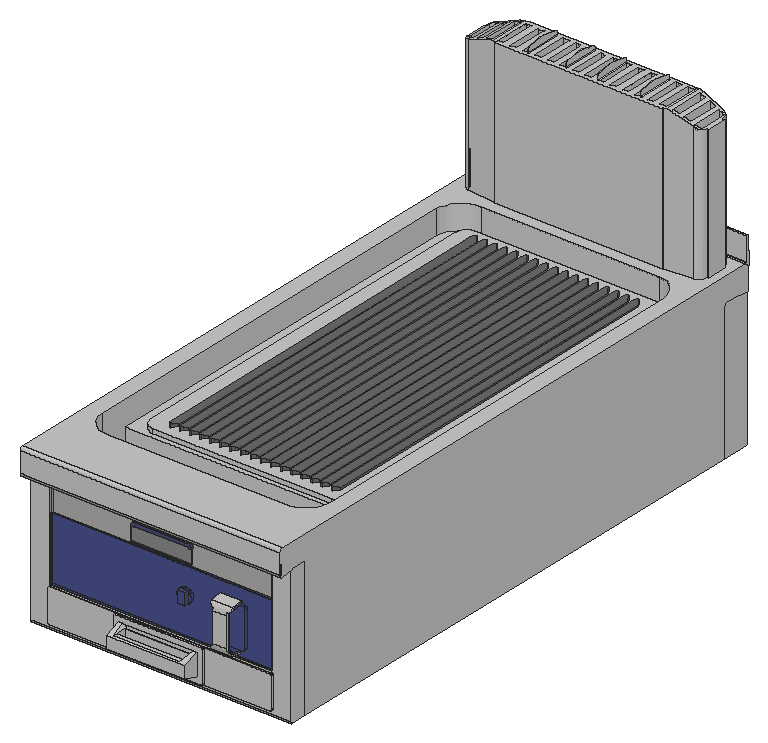
Revit family "QF_ELECTROLUXPROFESSIONAL_589101_MCHNABDOPO", category Specialty Equipment, Revit 2018
Family settings
  Round Connector Dimension = Use Diameter
  Part Type = Normal
  Work Plane-Based = No
  Always vertical = Yes
  Cut with Voids When Loaded = No
  Shared = No
  Room Calculation Point = No
Parameters
  Weight in Pounds = 152.1
  Watts = 0 W
  URL Cutsheet = ""
  Type Mark [instance] = ""
  Specification by User [instance] = ""
  Specification by Manufacturer = ""
  Show Clearance [instance] = yes
  Serial Number = ""
  Seismic Rating = ""
  SMACNA No = ""
  Revision Code [instance] = ""
  Omniclass Number and Title = ""
  NAFEM Spec ID Number = ""
  Model = "589101"
  Mechanical Remarks = ""
  Mechanical Connection Type = ""
  Masterspec = ""
  Manufacturer = "ELECTROLUX"
  Item Number [instance] = ""
  Installed By [instance] = ""
  Identify Quantity as Lot [instance] = yes
  HP = "0 HP"
  Gas Size = 1/2"
  Gas RI Height [instance] = 0 mm
  Gas KW = 10
  Gas Input [instance] = 34090.0 Btu/h
  Gas Connection Height = 0 mm
  Furnished By [instance] = ""
  Foodservice Equipment Identifier [instance] = yes
  Direct Waste Size = 0"
  Description = "GAS FRYTOP,RIBBED,1S,BSPL,400X900X250H"
  CSI MasterFormat = ""
  CSI Master Format = ""
  60 Hertz Option [instance] = not([50 Hertz Option])  # yes
  50 Hertz Option [instance] = no
Reference planes
  plane 1 "BACK": y = 0
  plane 2: z = 0
  plane 3 "LEFT": x = 0
  plane 4 "RIGHT": x = 400
  plane 5 "FRONT": y = -900
  plane 6 "TOP": z = 250
  plane 7: x = 200
  plane 8: y = -450
  plane 9: z = 481
  plane 10: y = -1330
Forms (mm)
  Extrusion 1, solid, material "QF_Finishes_Stainless Steel"
    sketch origin (0, -487.128, 0) x (0, 1, 0) y (0, 0, 1)
      loop
        line (483.128, 250) -> (-408.872, 250)
        arc (-408.872, 250) -> (-411.7, 248.828) -> (-412.872, 246) r 4
        line (-412.872, 246) -> (-412.872, 214)
        arc (-412.872, 214) -> (-411.443, 210.936) -> (-408.177, 210.061) r 4
        line (-408.177, 210.061) -> (-391.509, 213) -> (-366.872, 213) -> (-366.872, 0) -> (441.128, 0) -> (441.128, 213) -> (465.765, 213) -> (482.433, 210.061)
        arc (482.433, 210.061) -> (485.699, 210.936) -> (487.128, 214) r 4
        line (487.128, 214) -> (487.128, 246)
        arc (487.128, 246) -> (485.956, 248.828) -> (483.128, 250) r 4
    from 0 to 400
  Extrusion 2, void
    sketch origin (653.786, 44.048, 250) x (1, 0, 0) y (0, -1, 0)
      loop
        line (-590.636, 138.048) -> (-316.936, 138.048)
        arc (-316.936, 138.048) -> (-289.96, 149.222) -> (-278.786, 176.198) r 38.15
        line (-278.786, 176.198) -> (-278.786, 816.572)
        arc (-278.786, 816.572) -> (-290.056, 843.779) -> (-317.263, 855.048) r 38.476
        line (-317.263, 855.048) -> (-591.786, 855.048)
        arc (-591.786, 855.048) -> (-617.949, 844.211) -> (-628.786, 818.048) r 37
        line (-628.786, 818.048) -> (-628.786, 176.198)
        arc (-628.786, 176.198) -> (-617.613, 149.222) -> (-590.636, 138.048) r 38.15
    from 0 to 37
  Extrusion 3, void
    sketch origin (1307.573, 92.096, 213) x (0, 1, 0) y (1, 0, 0)
      loop
        line (-821.846, -932.573) -> (-864.62, -932.573)
        arc (-864.62, -932.573) -> (-891.827, -943.842) -> (-903.096, -971.049) r 38.476
        line (-903.096, -971.049) -> (-903.096, -1245.573)
        arc (-903.096, -1245.573) -> (-892.259, -1271.736) -> (-866.096, -1282.573) r 37
        line (-866.096, -1282.573) -> (-821.846, -1282.573) -> (-821.846, -932.573)
    from 0 to 25.6
  Extrusion 4, void
    sketch origin (1307.573, 92.096, 187.4) x (-1, 0, 0) y (0, 1, 0)
      loop
        circle (1212.573, -862.096) r 22.248
    from 0 to 92
  Extrusion 5, solid, material "QF_Finishes_Stainless Steel"
    sketch origin (0, -854, 0) x (1, 0, 0) y (0, -1, 0)
      loop
        circle (365, -264) r 6.35
    from 0 to 3.2
  Extrusion 6, solid, material "QF_Door-Drawer Clearances", visible <- "Show Clearance", detail levels coarse
    sketch origin (237.31, -881.593, 8.62) x (0, 0, 1) y (-1, 0, 0)
      loop
        line (1.973, -134.295) -> (49.317, -134.295)
        arc (49.317, -134.295) -> (50.776, -133.691) -> (51.38, -132.232) r 2.063
        line (51.38, -132.232) -> (51.38, 206.852)
        arc (51.38, 206.852) -> (50.88, 208.549) -> (49.541, 209.705) r 3.133
        line (49.541, 209.705) -> (3.067, 209.705)
        arc (3.067, 209.705) -> (0.898, 208.807) -> (0, 206.638) r 3.067
        line (0, 206.638) -> (0, -132.322)
        arc (0, -132.322) -> (0.578, -133.717) -> (1.973, -134.295) r 1.973
    from 0 to 448.407
  Extrusion 7, solid, material "QF_Clearances", visible <- "Show Clearance", detail levels coarse
    sketch origin (-178.969, -4572, 0) x (-1, 0, 0) y (0, -1, 0)
      loop
        line (-78.969, -3672) -> (-178.969, -3672) -> (-178.969, -4572) -> (-578.969, -4572) -> (-578.969, -3672) -> (-678.969, -3672) -> (-678.969, -4672) -> (-78.969, -4672) -> (-78.969, -3672)
    from 0 to 250
  Extrusion 8, solid, material "QF_Finishes_Stainless Steel"
    sketch origin (0, 0, 0) x (0, 1, 0) y (0, 0, 1)
      loop
        line (-2.951, 1.994) -> (-2.951, 210.127)
        arc (-2.951, 210.127) -> (-3.795, 210.003) -> (-4.646, 210.061) r 4
        line (-4.646, 210.061) -> (-21.287, 212.994) -> (-45, 212.994) -> (-45, -0.006) -> (-4.951, -0.006)
        arc (-4.951, -0.006) -> (-3.537, 0.58) -> (-2.951, 1.994) r 2
      loop
        arc (-1.951, 252) -> (-2.537, 250.586) -> (-3.951, 250) r 2
        arc (-3.951, 250) -> (-1.172, 248.823) -> (0, 245.994) r 4
        line (0, 245.994) -> (0, 288) -> (-1.951, 288) -> (-1.951, 252)
    from 400 to 0
Cuts and joins
  Extrusion 2, Extrusion 3, Extrusion 4 cuts Extrusion 1
Lines and regions (mm)
  symbolic lines
    curve 1: line (293.666, -902.326, 0) -> (293.666, -900, 0)
    curve 2: spline (299.334, -903.73, 0) -> (298.856, -903.657, 0) -> (298.378, -903.575, 0) -> (297.901, -903.486, 0) -> (297.425, -903.389, 0) -> (296.95, -903.283, 0) -> (296.476, -903.17, 0) -> (296.004, -903.049, 0) -> (295.533, -902.92, 0) -> (295.064, -902.783, 0) -> (294.596, -902.638, 0) -> (294.13, -902.486, 0) -> (293.666, -902.326, 0)
    curve 3: line (325.881, -902.326, 0) -> (325.881, -900, 0)
    curve 4: spline (325.881, -902.326, 0) -> (325.417, -902.486, 0) -> (324.951, -902.638, 0) -> (324.483, -902.783, 0) -> (324.014, -902.92, 0) -> (323.543, -903.049, 0) -> (323.071, -903.17, 0) -> (322.597, -903.283, 0) -> (322.122, -903.389, 0) -> (321.646, -903.486, 0) -> (321.169, -903.575, 0) -> (320.691, -903.657, 0) -> (320.213, -903.73, 0)
    curve 5: line (299.334, -903.73, 0) -> (320.213, -903.73, 0)
    curve 6: line (25, -774, 0) -> (25, -132.15, 0)
    curve 7: arc (25, -132.15, 0) -> (36.174, -105.174, 0) -> (63.15, -94, 0) r 38.15
    curve 8: line (63.15, -94, 0) -> (336.85, -94, 0)
    curve 9: arc (336.85, -94, 0) -> (363.826, -105.174, 0) -> (375, -132.15, 0) r 38.15
    curve 10: line (375, -132.15, 0) -> (375, -772.524, 0)
    curve 11: arc (375, -772.524, 0) -> (363.731, -799.731, 0) -> (336.524, -811, 0) r 38.476
    curve 12: line (336.524, -811, 0) -> (62, -811, 0)
    curve 13: arc (62, -811, 0) -> (35.837, -800.163, 0) -> (25, -774, 0) r 37
    curve 14: line (375, -729.75, 0) -> (25, -729.75, 0)
    curve 15: circle (95, -770, 0) r 22.248 normal (0, 0, -1)
    curve 16: line (0, 0, 0) -> (400, 0, 0)
    curve 17: line (0, -900, 0) -> (0, 0, 0)
    curve 18: line (400, -900, 0) -> (0, -900, 0)
    curve 19: line (400, 0, 0) -> (400, -900, 0)
    curve 20: line (147.608, -908.767, 0) -> (250.042, -908.767, 0)
    curve 21: line (250.042, -908.767, 0) -> (251.588, -900, 0)
    curve 22: line (147.608, -908.767, 0) -> (146.062, -900, 0)
  symbolic lines, style "QF_Door-Drawer Clearances"
    curve 23: line (27.605, -1330, 0) -> (27.605, -900, 0)
    curve 24: line (27.605, -1330, 0) -> (371.605, -1330, 0)
    curve 25: line (371.605, -1330, 0) -> (371.605, -900, 0)
  symbolic lines, style "QF_Clearances", visible <- "Show Clearance", detail levels coarse
    curve 26: line (-100, 100, 0) -> (-100, -900, 0)
    curve 27: line (500, 100, 0) -> (-100, 100, 0)
    curve 28: line (500, -900, 0) -> (500, 100, 0)
  symbolic lines, style "SpecialityEquipment"
    curve 29: line (0, -1.951, 0) -> (400, -1.951, 0)
Dimensions and locks
  plane 3 "LEFT" to plane 4 "RIGHT" = 400 mm
  plane 5 "FRONT" to plane 1 "BACK" = 900 mm
  equal spacing: plane 3 "LEFT", plane 7, plane 4 "RIGHT"
  equal spacing: plane 5 "FRONT", plane 8, plane 1 "BACK"
  plane 6 "TOP" to level = 250 mm  (x2)
  plane 1 "BACK" to plane 5 "FRONT" = 900 mm
  Extrusion 5 sketch curve to plane 1 "BACK" = 590 mm
  Extrusion 5 sketch curve to plane 4 "RIGHT" = 35 mm
  plane 5 "FRONT" to plane 10 = 430 mm
  plane 9 to plane 6 "TOP" = 231 mm
  plane 9 to level = 481 mm
  Extrusion 7 to plane 3 "LEFT" = 100 mm
  plane 4 "RIGHT" to Extrusion 7 = 100 mm
  plane 1 "BACK" to Extrusion 7 = 100 mm
  aligned and locked: level to plane 2
  aligned and locked: plane 7 to nested 1
  aligned and locked: Extrusion 6 to plane 10
  aligned and locked: nested 2 to plane 6 "TOP"
  aligned and locked: plane 6 "TOP" to Extrusion 7
  aligned and locked: Extrusion 8 to plane 4 "RIGHT"
Automatic sketch dimensions
  Extrusion 1 to Extrusion 2 sketch curve = 90 mm
  Extrusion 1 to Extrusion 2 sketch curve = 122 mm
  Extrusion 1 to Extrusion 2 sketch curve = 25 mm
  Extrusion 2 sketch curve to Extrusion 2 sketch curve = 38.15 mm  (x2)
  Extrusion 1 to Extrusion 2 sketch curve = 123.476 mm
  Extrusion 1 to Extrusion 2 sketch curve = 85 mm
  Extrusion 2 sketch curve to Extrusion 2 sketch curve = 274.524 mm
  Extrusion 1 sketch curve to plane 5 "FRONT" = 0 mm
  Extrusion 1 sketch curve to plane 6 "TOP" = 0 mm
  Extrusion 1 sketch curve to level = 0 mm
  Extrusion 1 sketch curve to plane 1 "BACK" = 0 mm
  Extrusion 1 sketch curve to plane 6 "TOP" = 37 mm  (x2)
  Extrusion 1 sketch curve to plane 5 "FRONT" = 4 mm
  Extrusion 1 sketch curve to plane 5 "FRONT" = 21.363 mm
  Extrusion 1 sketch curve to plane 5 "FRONT" = 46 mm
  plane 1 "BACK" to Extrusion 1 sketch curve = 21.363 mm
  plane 1 "BACK" to Extrusion 1 sketch curve = 4 mm  (x2)
  Extrusion 1 sketch curve to Extrusion 1 sketch curve = 4 mm
  Extrusion 1 sketch curve to Extrusion 1 sketch curve = 0.695 mm
  Extrusion 1 sketch curve to Extrusion 1 sketch curve = 0 mm  (x4)
  plane 1 "BACK" to Extrusion 1 sketch curve = 4.695 mm
  Extrusion 1 sketch curve to Extrusion 1 sketch curve = 1 mm  (x2)
  plane 1 "BACK" to Extrusion 1 sketch curve = 46 mm
  Extrusion 3 sketch curve to Extrusion 2 = 81.25 mm
  Extrusion 2 to Extrusion 3 sketch curve = 0 mm  (x2)
  Extrusion 3 sketch curve to Extrusion 3 sketch curve = 37 mm
  Extrusion 3 sketch curve to Extrusion 3 sketch curve = 274.524 mm
  Extrusion 3 sketch curve to Extrusion 2 = 38.476 mm
  Extrusion 4 sketch curve to Extrusion 3 = 41 mm
  Extrusion 4 sketch curve to Extrusion 3 = 70 mm
  Extrusion 6 sketch curve to nested 1 = 1.973 mm
  Extrusion 6 sketch curve to nested 1 = 2.853 mm
  Extrusion 6 sketch curve to nested 1 = 1.839 mm
  plane 1 "BACK" to Extrusion 7 sketch curve = 0 mm
  plane 5 "FRONT" to Extrusion 7 sketch curve = 0 mm  (x2)
  Extrusion 7 sketch curve to plane 4 "RIGHT" = 100 mm
  Extrusion 7 sketch curve to plane 1 "BACK" = 100 mm
  Extrusion 7 sketch curve to plane 3 "LEFT" = 100 mm
  Extrusion 7 sketch curve to plane 3 "LEFT" = 0 mm
  Extrusion 7 sketch curve to plane 4 "RIGHT" = 0 mm
  Extrusion 8 sketch curve to plane 1 "BACK" = 0 mm  (x2)
  Extrusion 8 sketch curve to level = 0.006 mm
  Extrusion 8 sketch curve to plane 6 "TOP" = 0 mm
  Extrusion 8 sketch curve to Extrusion 8 sketch curve = 1.951 mm
  plane 1 "BACK" to Extrusion 8 sketch curve = 2.951 mm
  Extrusion 8 sketch curve to Extrusion 8 sketch curve = 2 mm  (x2)
  Extrusion 8 sketch curve to Extrusion 8 sketch curve = 18.335 mm
  Extrusion 8 sketch curve to Extrusion 8 sketch curve = 40.049 mm
  Extrusion 8 sketch curve to Extrusion 8 sketch curve = 1.695 mm
  Extrusion 8 sketch curve to Extrusion 8 sketch curve = 0 mm  (x3)
  Extrusion 8 sketch curve to Extrusion 8 sketch curve = 4 mm
  plane 1 "BACK" to Extrusion 8 sketch curve = 3.951 mm
  Extrusion 8 sketch curve to plane 6 "TOP" = 39.873 mm
  Extrusion 8 sketch curve to plane 6 "TOP" = 37.006 mm
  Extrusion 8 sketch curve to Extrusion 8 sketch curve = 36 mm
  Extrusion 8 sketch curve to Extrusion 8 sketch curve = 0.066 mm
  Extrusion 8 sketch curve to plane 6 "TOP" = 4.006 mm
  plane 1 "BACK" to curve 16 = 0 mm
  curve 24 to plane 10 = 0 mm
  curve 17 to plane 3 "LEFT" = 0 mm
  plane 5 "FRONT" to curve 18 = 0 mm
  plane 5 "FRONT" to curve 28 = 0 mm
  curve 29 to plane 4 "RIGHT" = 0 mm
  plane 5 "FRONT" to curve 26 = 0 mm
  curve 27 to plane 4 "RIGHT" = 100 mm
  plane 4 "RIGHT" to curve 10 = 25 mm
  plane 4 "RIGHT" to curve 24 = 28.395 mm
  curve 11 to curve 12 = 38.476 mm
  plane 5 "FRONT" to curve 3 = 2.326 mm
  curve 25 to curve 3 = 45.724 mm
  plane 5 "FRONT" to curve 5 = 3.73 mm
  curve 3 to curve 5 = 5.669 mm
  curve 5 to curve 5 = 20.878 mm
  plane 5 "FRONT" to curve 1 = 2.326 mm
  curve 2 to curve 1 = 5.669 mm
  plane 5 "FRONT" to curve 21 = 8.767 mm
  curve 1 to curve 21 = 43.623 mm
  curve 22 to plane 7 = 52.392 mm
  plane 3 "LEFT" to curve 12 = 62 mm
  plane 3 "LEFT" to curve 23 = 27.605 mm
  plane 3 "LEFT" to curve 6 = 25 mm
  curve 26 to plane 3 "LEFT" = 100 mm
  curve 3 to curve 4 = 9.839 mm
  plane 5 "FRONT" to curve 2 = 4.032 mm
  curve 2 to curve 5 = 4.17 mm
  curve 21 to curve 20 = 1.546 mm
  curve 20 to curve 22 = 1.546 mm
  curve 15 to curve 13 = 33 mm
  curve 26 to plane 1 "BACK" = 100 mm
  plane 1 "BACK" to curve 8 = 94 mm
  curve 16 to curve 29 = 1.951 mm
  curve 15 to curve 13 = 4 mm
  curve 2 to curve 4 = 0 mm
  plane 4 "RIGHT" to curve 8 = 63.15 mm
  plane 1 "BACK" to curve 6 = 132.15 mm
  curve 10 to curve 4 = 88.375 mm
  curve 14 to curve 13 = 44.25 mm
  radius of Extrusion 4 sketch curve = 22.248 mm
  radius of Extrusion 5 sketch curve = 6.35 mm
  radius of Extrusion 6 sketch curve to nested 1 = 0 mm  (x2)
  radius of curve 15 = 22.248 mm
Nested families
  nested 1: "GG_900_400 Front Panel with Center Grease Trap" at (202.376, -854, -650), type "GG_900_400 Front Panel with Center Grease Trap"
  nested 2: "GG_900_Flute for 400 fryer" at (404.201, -5, -635.571), type "GG_900_Flute for 400 fryer"
  nested 3: "GG_900_400 mm Full Grate" at (200, -411.875, -675), type "GG_900_400 mm Full Grate"
Connectors
  piping at (365, -590, -3.2), diameter 12.8
    settings: on Extrusion 5, index 1, connector inside diameter 0.50394", connector length 0 mm, flow factor 0, pipe flow 0 GPM, pressure drop 0.00 psi, fitting loss kfactor 0, connector angle 0.00°, fixture units 0, engagement length 0 mm, angle of deflection 0.00°, flow configuration 1, flow direction 1, fitting loss method 0, system type 7, joint type 0, gender type 0, connector reference index -1, connector utility 0, adjustable connector no, is connector primary yes, connector description "GAS CONNECTION"
Definition of nested family "GG_900_400 Front Panel with Center Grease Trap"
  Reference planes
    plane 1 "Center (Front/Back)": y = 0
    plane 2: z = 0
    plane 3 "Center (Left/Right)": x = -2.376
    plane 4: x = -202.376
    plane 5: x = 197.624
  Forms (mm)
    Extrusion 1, solid
      sketch origin (833.217, 829.203, -1.25) x (0, 1, 0) y (0, 0, 1)
        loop
          arc (-854.203, 654.25) -> (-853.324, 652.129) -> (-851.203, 651.25) r 3
          line (-851.203, 651.25) -> (-829.203, 651.25) -> (-829.203, 864.25) -> (-854.203, 864.25) -> (-854.203, 654.25)
      from -1035.593 to -635.593
    Extrusion 2, void
      sketch origin (33.217, 829.203, -1.25) x (1, 0, 0) y (0, 0, 1)
        loop
          line (-207.593, 855.116) -> (-207.593, 713.116) -> (136.407, 713.116) -> (136.407, 855.116) -> (-207.593, 855.116)
      from 848.59 to 854.203
    Extrusion 3, solid
      sketch origin (-166.718, -23.053, 847.184) x (0, 0, -1) y (1, 0, 0)
        loop
          circle (77.168, 200.901) r 11
      from 0 to 3.2
    Extrusion 4, solid
      sketch origin (-166.718, -26.253, 847.184) x (0, 0, -1) y (1, 0, 0)
        loop
          line (67.962, 195.586) -> (86.297, 195.586) -> (86.297, 206.217) -> (67.962, 206.217) -> (67.962, 195.586)
      from 0 to 6.4
  Cuts and joins
    Extrusion 2 cuts Extrusion 1
  Dimensions and locks
    equal spacing: plane 5, plane 3 "Center (Left/Right)", plane 4
    plane 5 to plane 4 = 400 mm
    plane 5 to nested 1 = 90 mm
    aligned and locked: cut or joined group of Extrusion 1, Extrusion 2 to plane 4
    aligned and locked: plane 5 to cut or joined group of Extrusion 1, Extrusion 2
    aligned and locked: plane 3 "Center (Left/Right)" to nested 2
    aligned and locked: cut or joined group of Extrusion 1, Extrusion 2 to nested 2
    aligned and locked: plane 3 "Center (Left/Right)" to nested 3
  Automatic sketch dimensions
    Extrusion 1 sketch curve to plane 1 "Center (Front/Back)" = 0 mm
    plane 1 "Center (Front/Back)" to Extrusion 1 sketch curve = 22 mm
    Extrusion 1 sketch curve to Extrusion 1 sketch curve = 3 mm
    level to Extrusion 1 sketch curve = 650 mm
    Extrusion 1 sketch curve to Extrusion 1 sketch curve = 210 mm
    plane 4 to Extrusion 2 sketch curve = 28 mm
    Extrusion 2 sketch curve to plane 5 = 28 mm
    level to Extrusion 2 sketch curve = 711.866 mm
    Extrusion 2 sketch curve to Extrusion 2 sketch curve = 142 mm
    nested 2 to Extrusion 3 sketch curve = 40.144 mm
    Extrusion 3 sketch curve to nested 2 = 132.531 mm
    Extrusion 4 sketch curve to Extrusion 4 sketch curve = 18.335 mm
    Extrusion 4 sketch curve to Extrusion 4 sketch curve = 10.631 mm
    radius of Extrusion 3 sketch curve = 11 mm
  Nested families
    nested 1: "Range Control Handle" at (107.624, -28.137, -209.113) x (-1, 0, 0) z (0, 0, 1), type "Range Control Handle"
    nested 2: "glass conrol panel" at (-2.376, 280.644, 2.752), type "glass conrol panel"
    nested 3: "grease trap door" at (65.223, -25, 0.608) x (-1, 0, 0) z (0, 0, 1), type "grease trap door"
  Definition of nested family "Range Control Handle"
    Reference planes
      plane 1 "Center (Front/Back)": y = 0
      plane 2: z = 0
      plane 3 "Center (Left/Right)": x = 0
      plane 4: z = 971.092
    Forms (mm)
      Extrusion 1, solid
        sketch origin (-746.28, 380.497, 208.931) x (-1, 0, 0) y (0, 0, 1)
          loop
            line (-770.101, 786.798) -> (-770.101, 731.649)
            arc (-770.101, 731.649) -> (-769.759, 730.563) -> (-768.855, 729.87) r 1.893
            line (-768.855, 729.87) -> (-763.474, 727.911) -> (-729.81, 727.911) -> (-724.428, 729.87)
            arc (-724.428, 729.87) -> (-723.525, 730.563) -> (-723.183, 731.649) r 1.893
            line (-723.183, 731.649) -> (-723.183, 786.798)
            arc (-723.183, 786.798) -> (-723.529, 787.894) -> (-724.44, 788.593) r 1.91
            line (-724.44, 788.593) -> (-729.683, 790.819) -> (-763.601, 790.819) -> (-768.844, 788.593)
            arc (-768.844, 788.593) -> (-769.755, 787.894) -> (-770.101, 786.798) r 1.91
        from -382.35 to -378.852
      Sweep 2, solid
        path origin (-746.788, 380.496, 208.091) x (0, -1, 0) y (0, 0, 1)
          loop
            line (379.775, 793.281) -> (395.661, 791.048)
            arc (395.661, 791.048) -> (397.781, 787.377) -> (398.517, 783.202) r 12.207
            line (398.517, 783.202) -> (398.517, 737.368)
            arc (398.517, 737.368) -> (397.781, 733.193) -> (395.661, 729.522) r 12.207
            line (395.661, 729.522) -> (379.775, 727.289)
        profile origin (-746.788, -7.222, 1000.256) x (0, -0.139173, 0.990268) y (-1, 0, 0)
          loop
            line (0.782, -763.123) -> (0.782, -730.907) -> (-1.322, -730.907) -> (-1.322, -763.123) -> (0.782, -763.123)
      Sweep 3, solid
        path origin (-746.788, 380.715, 207.832) x (0, -1, 0) y (0, 0, 1)
          loop
            line (380.478, 795.442) -> (397.218, 793.09)
            arc (397.218, 793.09) -> (399.929, 788.473) -> (400.871, 783.202) r 15.207
            line (400.871, 783.202) -> (400.871, 737.584)
            arc (400.871, 737.584) -> (399.914, 732.274) -> (397.164, 727.633) r 15.207
            line (397.164, 727.633) -> (380.601, 725.305)
        profile origin (-746.788, -8.132, 1002.099) x (0, -0.139173, 0.990268) y (-1, 0, 0)
          loop
            line (0.782, -763.123) -> (0.782, -730.907) -> (-1.322, -730.907) -> (-1.322, -763.123) -> (0.782, -763.123)
      Extrusion 4, void
        sketch origin (889.253, 220.666, 207.993) x (1, 0, 0) y (0, 0, 1)
          loop
            line (-943.038, 816.854) -> (-943.038, 703.686) -> (-899.466, 734.196) -> (-899.466, 786.344) -> (-943.038, 816.854)
        from 230.636 to 242.25
      Extrusion 5, void
        sketch origin (-888.8, 220.666, 207.993) x (-1, 0, 0) y (0, 0, -1)
          loop
            line (-943.038, -816.854) -> (-899.466, -786.344) -> (-899.466, -734.196) -> (-943.038, -703.686) -> (-943.038, -816.854)
        from 230.636 to 242.25
      Extrusion 6, solid
        sketch origin (0, 0, 0) x (1, 0, 0) y (0, 0, 1)
          loop
            circle (0, 971.092) r 7.736
        from -3.137 to -1.645
    Cuts and joins
      Extrusion 4, Extrusion 5 cuts Sweep 3
      Extrusion 4, Extrusion 5 cuts Sweep 2
      joined: Extrusion 1, Extrusion 6
    Lines and regions (mm)
      symbolic lines
        curve 1: line (23.821, 1.645, 0) -> (-23.097, 1.645, 0)
        curve 2: line (16.334, -1.853, 0) -> (23.821, -1.853, 0)
        curve 3: line (-15.881, -19.189, 0) -> (-15.881, -1.853, 0)
        curve 4: line (-23.097, -1.853, 0) -> (-15.881, -1.853, 0)
        curve 5: line (16.334, -19.189, 0) -> (16.334, -1.853, 0)
        curve 6: spline (-15.881, -19.189, 0) -> (-15.417, -19.349, 0) -> (-14.951, -19.501, 0) -> (-14.483, -19.646, 0) -> (-14.014, -19.783, 0) -> (-13.543, -19.912, 0) -> (-13.071, -20.033, 0) -> (-12.597, -20.146, 0) -> (-12.122, -20.251, 0) -> (-11.646, -20.349, 0) -> (-11.169, -20.438, 0) -> (-10.691, -20.52, 0) -> (-10.213, -20.593, 0)
        curve 7: spline (10.666, -20.593, 0) -> (11.144, -20.52, 0) -> (11.622, -20.438, 0) -> (12.099, -20.349, 0) -> (12.575, -20.251, 0) -> (13.05, -20.146, 0) -> (13.524, -20.033, 0) -> (13.996, -19.912, 0) -> (14.467, -19.783, 0) -> (14.936, -19.646, 0) -> (15.404, -19.501, 0) -> (15.87, -19.349, 0) -> (16.334, -19.189, 0)
        curve 8: line (-10.213, -20.938, 0) -> (10.716, -20.938, 0)
        curve 9: line (-23.097, 1.645, 0) -> (-23.097, -1.853, 0)
        curve 10: line (23.821, 1.645, 0) -> (23.821, -1.853, 0)
  Definition of nested family "glass conrol panel"
    Reference planes
      plane 1 "Center (Front/Back)": y = 0
      plane 2: z = 0
      plane 3 "Center (Left/Right)": x = 0
    Forms (mm)
      Extrusion 1, solid
        sketch origin (378.286, 0, 0.617) x (1, 0, 0) y (0, 0, 1)
          loop
            line (-550.286, 806.791) -> (-550.286, 708.497) -> (-206.286, 708.497) -> (-206.286, 806.791) -> (-550.286, 806.791)
        from 300.031 to 304.8
      Extrusion 2, solid
        sketch origin (378.286, 0, 0.617) x (1, 0, 0) y (0, 0, 1)
          loop
            line (-550.286, 850.497) -> (-550.286, 806.791) -> (-206.286, 806.791) -> (-206.286, 850.497) -> (-550.286, 850.497)
        from 300.031 to 304.8
      Extrusion 3, void
        sketch origin (378.286, 0, 0.617) x (1, 0, 0) y (0, 0, 1)
          loop
            line (-547.628, 847.565) -> (-547.628, 710.699) -> (-209.196, 710.699) -> (-209.196, 847.565) -> (-547.628, 847.565)
        from 303.697 to 304.8
      Extrusion 4, solid
        sketch origin (-308.309, 1.101, -0.633) x (-1, 0, 0) y (0, 0, -1)
          loop
            line (-261.431, -812.62) -> (-355.186, -812.62) -> (-355.186, -834.177) -> (-350.269, -834.177) -> (-348.469, -835.977) -> (-268.039, -835.977) -> (-266.24, -834.177) -> (-261.431, -834.177) -> (-261.431, -812.62)
        from 304.798 to 306.745
      Extrusion 5, solid
        sketch origin (-308.309, 1.101, -0.633) x (-1, 0, 0) y (0, 0, -1)
          loop
            line (-350.269, -834.177) -> (-355.078, -834.177)
            arc (-355.078, -834.177) -> (-353.942, -838.747) -> (-349.686, -840.763) r 5.5
            line (-349.686, -840.763) -> (-266.98, -840.763)
            arc (-266.98, -840.763) -> (-262.706, -838.752) -> (-261.529, -834.177) r 5.549
            line (-261.529, -834.177) -> (-266.24, -834.177) -> (-268.039, -835.977) -> (-348.469, -835.977) -> (-350.269, -834.177)
        from 304.798 to 306.745
    Cuts and joins
      Extrusion 3 cuts Extrusion 1
      Extrusion 3 cuts Extrusion 2
    Dimensions and locks
      aligned and locked: Extrusion 1 to Extrusion 2
      aligned and locked: Extrusion 5 sketch curve to Extrusion 4  (x5)
      aligned and locked: Extrusion 5 to Extrusion 4
  Definition of nested family "grease trap door"
    Reference planes
      plane 1 "Center (Front/Back)": y = 0
      plane 2: z = 0
      plane 3 "Center (Left/Right)": x = 0
    Forms (mm)
      Extrusion 1, solid
        sketch origin (1627.55, 854.203, -1.25) x (1, 0, 0) y (0, 0, 1)
          loop
            arc (-1627.55, 661.235) -> (-1626.972, 659.84) -> (-1625.577, 659.262) r 1.973
            line (-1625.577, 659.262) -> (-1494.325, 659.262)
            arc (-1494.325, 659.262) -> (-1492.156, 660.16) -> (-1491.258, 662.329) r 3.067
            line (-1491.258, 662.329) -> (-1491.258, 708.803)
            arc (-1491.258, 708.803) -> (-1492.414, 710.143) -> (-1494.111, 710.642) r 3.133
            line (-1494.111, 710.642) -> (-1625.486, 710.642)
            arc (-1625.486, 710.642) -> (-1626.945, 710.038) -> (-1627.55, 708.579) r 2.063
            line (-1627.55, 708.579) -> (-1627.55, 661.235)
        from 856.795 to 859.203
      Extrusion 2, solid
        sketch origin (445.874, 2476.61, 0) x (0, 1, 0) y (0, 0, 1)
          loop
            line (-2506.377, 675.273) -> (-2481.61, 667.505) -> (-2481.61, 700.995) -> (-2506.377, 693.227) -> (-2506.377, 675.273)
        from -437.68 to -317.68
      Extrusion 3, void
        sketch origin (1627.55, 854.203, -1.25) x (1, 0, 0) y (0, 0, 1)
          loop
            line (-1614.883, 703) -> (-1610.542, 695.433) -> (-1508.17, 695.433) -> (-1503.828, 703) -> (-1614.883, 703)
          loop
            line (-1614.883, 668) -> (-1502.669, 668) -> (-1507.01, 675.567) -> (-1610.542, 675.567) -> (-1614.883, 668)
        from 832.916 to 883.97
      Extrusion 4, void
        sketch origin (447.55, 854.203, -1.25) x (1, 0, 0) y (0, 0, 1)
          loop
            line (-430.542, 695.433) -> (-430.542, 675.567) -> (-328.17, 675.567) -> (-328.17, 695.433) -> (-430.542, 695.433)
        from 859.203 to 874.202
      Extrusion 5, solid
        sketch origin (1627.55, 854.203, -1.25) x (1, 0, 0) y (0, 0, 1)
          loop
            arc (-1731.556, 661.235) -> (-1730.978, 659.84) -> (-1729.583, 659.262) r 1.973
            line (-1729.583, 659.262) -> (-1390.623, 659.262)
            arc (-1390.623, 659.262) -> (-1388.454, 660.16) -> (-1387.556, 662.329) r 3.067
            line (-1387.556, 662.329) -> (-1387.556, 708.803)
            arc (-1387.556, 708.803) -> (-1388.712, 710.143) -> (-1390.409, 710.642) r 3.133
            line (-1390.409, 710.642) -> (-1729.493, 710.642)
            arc (-1729.493, 710.642) -> (-1730.952, 710.038) -> (-1731.556, 708.579) r 2.063
            line (-1731.556, 708.579) -> (-1731.556, 661.235)
        from 854.203 to 856.795
    Cuts and joins
      Extrusion 3 cuts Extrusion 1
      Extrusion 3, Extrusion 4 cuts Extrusion 2
      joined: Extrusion 1, Extrusion 2
    Lines and regions (mm)
      symbolic lines
        curve 1: line (0, -2.593, 0) -> (136.292, -2.593, 0)
        curve 2: line (17.557, -29.767, 0) -> (12.667, -2.593, 0)
        curve 3: line (17.557, -29.767, 0) -> (119.991, -29.767, 0)
        curve 4: line (119.991, -29.767, 0) -> (124.881, -2.593, 0)
        curve 5: line (68.146, -2.593, 0) -> (68.146, -29.767, 0)
      model lines
        curve 6: line (67.599, 0, 658.012) -> (67.599, 0, 709.392)
    Dimensions and locks
      aligned and locked: Extrusion 2 to Extrusion 1
      aligned and locked: Extrusion 3 to Extrusion 2
      aligned and locked: Extrusion 4 to Extrusion 1
Definition of nested family "GG_900_Flute for 400 fryer"
  Reference planes
    plane 1 "Center (Front/Back)": y = 0
    plane 2: z = 0
    plane 3 "Center (Left/Right)": x = -138.888
    plane 4: x = -388.888
    plane 5: y = -37.994
    plane 6: x = -24.888
    plane 7: x = -382.888
    plane 8: x = -341.546
    plane 9: x = -397.742
    plane 10: x = -10.763
  Forms (mm)
    Extrusion 1, solid
      sketch origin (3208.371, -22.924, -275.679) x (1, 0, 0) y (0, 0, 1)
        loop
          line (-3597.259, 1365.162) -> (-3597.259, 1161.25) -> (-3227.259, 1161.25) -> (-3227.259, 1364.934) -> (-3271.553, 1381.055)
          arc (-3271.553, 1381.055) -> (-3274.994, 1381.949) -> (-3278.536, 1382.25) r 21
          line (-3278.536, 1382.25) -> (-3546.608, 1382.25)
          arc (-3546.608, 1382.25) -> (-3550.146, 1381.95) -> (-3553.582, 1381.058) r 21
          line (-3553.582, 1381.058) -> (-3597.259, 1365.162)
      from -17.885 to 48.024
    Extrusion 2, void
      sketch origin (3110.917, -926.426, -226.348) x (1, 0, 0) y (0, 1, 0)
        loop
          line (-3444.887, 915.362) -> (-3444.887, 861.502) -> (-3434.887, 861.502) -> (-3434.887, 915.362) -> (-3444.887, 915.362)
      from 1111.919 to 1332.919
    Extrusion 3, void
      sketch origin (0, 0, 0) x (1, 0, 0) y (0, 1, 0)
        loop
          line (-373.021, -61.567) -> (-373.021, -14.408) -> (-377.678, -14.821)
          spline (-377.678, -14.821) -> (-378.371, -14.929) -> (-379.046, -15.126) -> (-379.692, -15.41) -> (-380.301, -15.777) -> (-380.864, -16.22) -> (-381.37, -16.734) -> (-381.814, -17.309) -> (-382.188, -17.939) -> (-382.486, -18.613) -> (-382.704, -19.32) -> (-382.839, -20.051) -> (-382.888, -20.793)
          line (-382.888, -20.793) -> (-382.888, -55.104)
          spline (-382.888, -55.104) -> (-382.855, -55.807) -> (-382.746, -56.501) -> (-382.562, -57.176) -> (-382.305, -57.825) -> (-381.98, -58.437) -> (-381.589, -59.005) -> (-381.14, -59.521) -> (-380.637, -59.978) -> (-380.087, -60.369) -> (-379.499, -60.69) -> (-378.879, -60.936) -> (-378.237, -61.104)
          line (-378.237, -61.104) -> (-373.021, -61.567)
        loop
          line (-367.195, -62.083) -> (-357.328, -62.958) -> (-357.328, -13.046) -> (-367.195, -13.892) -> (-367.195, -62.083)
        loop
          line (-351.502, -12.529) -> (-351.502, -63.476) -> (-341.546, -64.358) -> (-341.546, -11.645) -> (-351.502, -12.529)
        loop
          line (-29.412, -14.802) -> (-33.505, -14.439) -> (-33.505, -61.567) -> (-28.848, -61.184)
          spline (-28.848, -61.184) -> (-28.15, -61.075) -> (-27.471, -60.875) -> (-26.82, -60.588) -> (-26.208, -60.217) -> (-25.644, -59.768) -> (-25.136, -59.248) -> (-24.692, -58.666) -> (-24.32, -58.029) -> (-24.024, -57.349) -> (-23.81, -56.634) -> (-23.681, -55.897) -> (-23.638, -55.149)
          line (-23.638, -55.149) -> (-23.638, -20.839)
          spline (-23.638, -20.839) -> (-23.689, -20.042) -> (-23.837, -19.26) -> (-24.082, -18.505) -> (-24.417, -17.791) -> (-24.838, -17.13) -> (-25.338, -16.534) -> (-25.906, -16.014) -> (-26.535, -15.577) -> (-27.211, -15.233) -> (-27.925, -14.986) -> (-28.663, -14.842) -> (-29.412, -14.802)
        loop
          line (-39.331, -13.922) -> (-49.198, -13.046) -> (-49.198, -62.989) -> (-39.331, -62.113) -> (-39.331, -13.922)
        loop
          line (-64.98, -11.615) -> (-64.98, -64.389) -> (-55.024, -63.506) -> (-55.024, -12.499) -> (-64.98, -11.615)
      from 885.571 to 1106.571
    Extrusion 4, void
      sketch origin (5.432, 225.414, 0) x (1, 0, 0) y (0, 1, 0)
        loop
          spline (-382.452, -291.267) -> (-383.887, -291.038) -> (-385.284, -290.622) -> (-386.623, -290.026) -> (-387.883, -289.259) -> (-389.044, -288.332) -> (-390.088, -287.26) -> (-391.001, -286.059) -> (-391.767, -284.747) -> (-392.375, -283.345) -> (-392.817, -281.874) -> (-393.084, -280.356) -> (-393.174, -278.815)
          line (-393.174, -278.815) -> (-403.174, -278.815) -> (-403.174, -302.496) -> (-338.779, -302.496) -> (-338.779, -295.112) -> (-382.452, -291.267)
        loop
          line (-382.452, -235.548) -> (-338.508, -231.703) -> (-338.508, -224.32) -> (-403.174, -224.32) -> (-403.174, -248.001) -> (-393.174, -248.001)
          spline (-393.174, -248.001) -> (-393.084, -246.459) -> (-392.817, -244.941) -> (-392.375, -243.47) -> (-391.767, -242.068) -> (-391.001, -240.757) -> (-390.088, -239.556) -> (-389.044, -238.484) -> (-387.883, -237.557) -> (-386.623, -236.79) -> (-385.284, -236.194) -> (-383.887, -235.778) -> (-382.452, -235.548)
        loop
          line (-36.918, -291.267) -> (-80.794, -295.112) -> (-80.794, -302.496) -> (-16.195, -302.496) -> (-16.195, -278.815) -> (-26.195, -278.815)
          spline (-26.195, -278.815) -> (-26.285, -280.356) -> (-26.553, -281.874) -> (-26.994, -283.345) -> (-27.602, -284.747) -> (-28.369, -286.059) -> (-29.281, -287.26) -> (-30.326, -288.332) -> (-31.487, -289.259) -> (-32.746, -290.026) -> (-34.085, -290.622) -> (-35.482, -291.038) -> (-36.918, -291.267)
        loop
          spline (-36.918, -235.548) -> (-35.482, -235.778) -> (-34.085, -236.194) -> (-32.746, -236.79) -> (-31.487, -237.557) -> (-30.326, -238.484) -> (-29.281, -239.556) -> (-28.369, -240.757) -> (-27.602, -242.068) -> (-26.994, -243.47) -> (-26.553, -244.941) -> (-26.285, -246.459) -> (-26.195, -248.001)
          line (-26.195, -248.001) -> (-16.195, -248.001) -> (-16.195, -224.32) -> (-80.861, -224.32) -> (-80.861, -231.703) -> (-36.918, -235.548)
      from 0 to 1124.213
    Extrusion 5, solid
      sketch origin (-119.329, 1835.371, -536.725) x (0, 1, 0) y (0, 0, 1)
        loop
          line (-1849.66, 1651.2) -> (-1860.917, 1653.592)
          arc (-1860.917, 1653.592) -> (-1873.392, 1654.903) -> (-1885.866, 1653.592) r 60
          line (-1885.866, 1653.592) -> (-1897.123, 1651.2)
          arc (-1897.123, 1651.2) -> (-1899.403, 1649.803) -> (-1900.294, 1647.286) r 4
          line (-1900.294, 1647.286) -> (-1900.294, 1644.257) -> (-1846.435, 1644.257) -> (-1846.435, 1647.286)
          arc (-1846.435, 1647.286) -> (-1847.327, 1649.803) -> (-1849.603, 1651.198) r 4
      from 4.99 to 5.968
    Extrusion 6, solid
      sketch origin (1141.179, -0.446, -506.698) x (1, 0, 0) y (0, 0, 1)
        loop
          line (-1428.929, 1613.23) -> (-1427.196, 1613.23)
          arc (-1427.196, 1613.23) -> (-1426.997, 1613.712) -> (-1426.929, 1614.23) r 2
          line (-1426.929, 1614.23) -> (-1427.929, 1614.23)
          arc (-1427.929, 1614.23) -> (-1428.221, 1613.523) -> (-1428.929, 1613.23) r 1
      from 10.618 to 64.478
    Extrusion 7, solid
      sketch origin (-299.878, 1835.371, -536.725) x (0, 1, 0) y (0, 0, 1)
        loop
          line (-1849.66, 1651.2) -> (-1860.917, 1653.592)
          arc (-1860.917, 1653.592) -> (-1873.392, 1654.903) -> (-1885.866, 1653.592) r 60
          line (-1885.866, 1653.592) -> (-1897.123, 1651.2)
          arc (-1897.123, 1651.2) -> (-1899.403, 1649.803) -> (-1900.294, 1647.286) r 4
          line (-1900.294, 1647.286) -> (-1900.294, 1644.257) -> (-1846.435, 1644.257) -> (-1846.435, 1647.286)
          arc (-1846.435, 1647.286) -> (-1847.327, 1649.803) -> (-1849.603, 1651.198) r 4
      from 13.128 to 14.364
    Extrusion 8, solid
      sketch origin (1199.162, -0.446, -506.698) x (1, 0, 0) y (0, 0, 1)
        loop
          line (-1428.929, 1613.23) -> (-1427.196, 1613.23)
          arc (-1427.196, 1613.23) -> (-1426.997, 1613.712) -> (-1426.929, 1614.23) r 2
          line (-1426.929, 1614.23) -> (-1427.929, 1614.23)
          arc (-1427.929, 1614.23) -> (-1428.221, 1613.523) -> (-1428.929, 1613.23) r 1
      from 10.618 to 64.478
    Extrusion 9, solid
      sketch origin (-229.628, 1835.371, -536.725) x (0, 1, 0) y (0, 0, 1)
        loop
          line (-1849.66, 1651.2) -> (-1860.917, 1653.592)
          arc (-1860.917, 1653.592) -> (-1873.392, 1654.903) -> (-1885.866, 1653.592) r 60
          line (-1885.866, 1653.592) -> (-1897.123, 1651.2)
          arc (-1897.123, 1651.2) -> (-1899.403, 1649.803) -> (-1900.294, 1647.286) r 4
          line (-1900.294, 1647.286) -> (-1900.294, 1644.257) -> (-1846.435, 1644.257) -> (-1846.435, 1647.286)
          arc (-1846.435, 1647.286) -> (-1847.327, 1649.803) -> (-1849.603, 1651.198) r 4
      from 0.861 to 1.841
    Extrusion 10, solid
      sketch origin (-1411.284, -0.446, -506.698) x (-1, 0, 0) y (0, 0, -1)
        loop
          arc (-1298.929, -1613.23) -> (-1298.221, -1613.523) -> (-1297.929, -1614.23) r 1
          line (-1297.929, -1614.23) -> (-1296.929, -1614.23)
          arc (-1296.929, -1614.23) -> (-1296.997, -1613.712) -> (-1297.196, -1613.23) r 2
          line (-1297.196, -1613.23) -> (-1298.929, -1613.23)
      from 10.618 to 64.478
    Extrusion 11, solid
      sketch origin (-185.128, 1835.371, -536.725) x (0, 1, 0) y (0, 0, 1)
        loop
          line (-1849.66, 1651.2) -> (-1860.917, 1653.592)
          arc (-1860.917, 1653.592) -> (-1873.392, 1654.903) -> (-1885.866, 1653.592) r 60
          line (-1885.866, 1653.592) -> (-1897.123, 1651.2)
          arc (-1897.123, 1651.2) -> (-1899.403, 1649.803) -> (-1900.294, 1647.286) r 4
          line (-1900.294, 1647.286) -> (-1900.294, 1644.257) -> (-1846.435, 1644.257) -> (-1846.435, 1647.286)
          arc (-1846.435, 1647.286) -> (-1847.327, 1649.803) -> (-1849.603, 1651.198) r 4
      from 4.99 to 6.005
    Extrusion 12, solid
      sketch origin (-1477.066, -0.446, -506.698) x (-1, 0, 0) y (0, 0, -1)
        loop
          arc (-1298.929, -1613.23) -> (-1298.221, -1613.523) -> (-1297.929, -1614.23) r 1
          line (-1297.929, -1614.23) -> (-1296.929, -1614.23)
          arc (-1296.929, -1614.23) -> (-1296.997, -1613.712) -> (-1297.196, -1613.23) r 2
          line (-1297.196, -1613.23) -> (-1298.929, -1613.23)
      from 10.618 to 64.478
    Extrusion 13, void
      sketch origin (3360.917, -926.426, -226.348) x (1, 0, 0) y (0, 1, 0)
        loop
          line (-3444.887, 915.362) -> (-3444.887, 861.502) -> (-3434.887, 861.502) -> (-3434.887, 915.362) -> (-3444.887, 915.362)
      from 1111.919 to 1332.919
    Extrusion 14, void
      sketch origin (3130.148, -926.426, -226.348) x (1, 0, 0) y (0, 1, 0)
        loop
          line (-3444.887, 915.362) -> (-3444.887, 861.502) -> (-3434.887, 861.502) -> (-3434.887, 915.362) -> (-3444.887, 915.362)
      from 1111.919 to 1332.919
    Extrusion 15, void
      sketch origin (3149.379, -926.426, -226.348) x (1, 0, 0) y (0, 1, 0)
        loop
          line (-3444.887, 915.362) -> (-3444.887, 861.502) -> (-3434.887, 861.502) -> (-3434.887, 915.362) -> (-3444.887, 915.362)
      from 1111.919 to 1332.919
    Extrusion 16, void
      sketch origin (3168.61, -926.426, -226.348) x (1, 0, 0) y (0, 1, 0)
        loop
          line (-3444.887, 915.362) -> (-3444.887, 861.502) -> (-3434.887, 861.502) -> (-3434.887, 915.362) -> (-3444.887, 915.362)
      from 1111.919 to 1332.919
    Extrusion 17, void
      sketch origin (3187.841, -926.426, -226.348) x (1, 0, 0) y (0, 1, 0)
        loop
          line (-3444.887, 915.362) -> (-3444.887, 861.502) -> (-3434.887, 861.502) -> (-3434.887, 915.362) -> (-3444.887, 915.362)
      from 1111.919 to 1332.919
    Extrusion 18, void
      sketch origin (3207.071, -926.426, -226.348) x (1, 0, 0) y (0, 1, 0)
        loop
          line (-3444.887, 915.362) -> (-3444.887, 861.502) -> (-3434.887, 861.502) -> (-3434.887, 915.362) -> (-3444.887, 915.362)
      from 1111.919 to 1332.919
    Extrusion 19, void
      sketch origin (3226.302, -926.426, -226.348) x (1, 0, 0) y (0, 1, 0)
        loop
          line (-3444.887, 915.362) -> (-3444.887, 861.502) -> (-3434.887, 861.502) -> (-3434.887, 915.362) -> (-3444.887, 915.362)
      from 1111.919 to 1332.919
    Extrusion 20, void
      sketch origin (3245.533, -926.426, -226.348) x (1, 0, 0) y (0, 1, 0)
        loop
          line (-3444.887, 915.362) -> (-3444.887, 861.502) -> (-3434.887, 861.502) -> (-3434.887, 915.362) -> (-3444.887, 915.362)
      from 1111.919 to 1332.919
    Extrusion 21, void
      sketch origin (3264.764, -926.426, -226.348) x (1, 0, 0) y (0, 1, 0)
        loop
          line (-3444.887, 915.362) -> (-3444.887, 861.502) -> (-3434.887, 861.502) -> (-3434.887, 915.362) -> (-3444.887, 915.362)
      from 1111.919 to 1332.919
    Extrusion 22, void
      sketch origin (3283.994, -926.426, -226.348) x (1, 0, 0) y (0, 1, 0)
        loop
          line (-3444.887, 915.362) -> (-3444.887, 861.502) -> (-3434.887, 861.502) -> (-3434.887, 915.362) -> (-3444.887, 915.362)
      from 1111.919 to 1332.919
    Extrusion 23, void
      sketch origin (3303.225, -926.426, -226.348) x (1, 0, 0) y (0, 1, 0)
        loop
          line (-3444.887, 915.362) -> (-3444.887, 861.502) -> (-3434.887, 861.502) -> (-3434.887, 915.362) -> (-3444.887, 915.362)
      from 1111.919 to 1332.919
    Extrusion 24, void
      sketch origin (3322.456, -926.426, -226.348) x (1, 0, 0) y (0, 1, 0)
        loop
          line (-3444.887, 915.362) -> (-3444.887, 861.502) -> (-3434.887, 861.502) -> (-3434.887, 915.362) -> (-3444.887, 915.362)
      from 1111.919 to 1332.919
    Extrusion 25, void
      sketch origin (3341.687, -926.426, -226.348) x (1, 0, 0) y (0, 1, 0)
        loop
          line (-3444.887, 915.362) -> (-3444.887, 861.502) -> (-3434.887, 861.502) -> (-3434.887, 915.362) -> (-3444.887, 915.362)
      from 1111.919 to 1332.919
  Cuts and joins
    Extrusion 2, Extrusion 3, Extrusion 4, Extrusion 13, Extrusion 14, Extrusion 15, Extrusion 16, Extrusion 17, Extrusion 18, Extrusion 19, Extrusion 20, Extrusion 21, Extrusion 22, Extrusion 23, Extrusion 24, Extrusion 25 cuts Extrusion 1
  Lines and regions (mm)
    symbolic lines
      curve 1: line (-89.839, -5.039, 0) -> (-319.049, -5.039, 0)
      curve 2: line (-377.28, -10.134, 0) -> (-319.049, -5.039, 0)
      curve 3: spline (-388.002, -22.586, 0) -> (-387.913, -21.045, 0) -> (-387.645, -19.527, 0) -> (-387.204, -18.056, 0) -> (-386.595, -16.654, 0) -> (-385.829, -15.343, 0) -> (-384.916, -14.142, 0) -> (-383.872, -13.07, 0) -> (-382.711, -12.143, 0) -> (-381.451, -11.376, 0) -> (-380.113, -10.779, 0) -> (-378.715, -10.363, 0) -> (-377.28, -10.134, 0)
      curve 4: line (-388.888, -22.586, 0) -> (-388.888, -53.401, 0)
      curve 5: spline (-377.28, -65.853, 0) -> (-378.715, -65.624, 0) -> (-380.113, -65.208, 0) -> (-381.451, -64.612, 0) -> (-382.711, -63.844, 0) -> (-383.872, -62.918, 0) -> (-384.916, -61.846, 0) -> (-385.829, -60.645, 0) -> (-386.595, -59.333, 0) -> (-387.204, -57.931, 0) -> (-387.645, -56.46, 0) -> (-387.913, -54.942, 0) -> (-388.002, -53.401, 0)
      curve 6: line (-319.049, -70.948, 0) -> (-89.839, -70.948, 0)
      curve 7: line (-319.049, -70.948, 0) -> (-377.28, -65.853, 0)
      curve 8: line (-31.608, -65.853, 0) -> (-89.839, -70.948, 0)
      curve 9: line (-18.75, -53.401, 0) -> (-18.75, -22.586, 0)
      curve 10: spline (-20.886, -53.401, 0) -> (-20.975, -54.942, 0) -> (-21.243, -56.46, 0) -> (-21.684, -57.931, 0) -> (-22.293, -59.333, 0) -> (-23.059, -60.645, 0) -> (-23.972, -61.846, 0) -> (-25.016, -62.918, 0) -> (-26.177, -63.844, 0) -> (-27.436, -64.612, 0) -> (-28.775, -65.208, 0) -> (-30.173, -65.624, 0) -> (-31.608, -65.853, 0)
      curve 11: spline (-31.608, -10.134, 0) -> (-30.173, -10.363, 0) -> (-28.775, -10.779, 0) -> (-27.436, -11.376, 0) -> (-26.177, -12.143, 0) -> (-25.016, -13.07, 0) -> (-23.972, -14.142, 0) -> (-23.059, -15.343, 0) -> (-22.293, -16.654, 0) -> (-21.684, -18.056, 0) -> (-21.243, -19.527, 0) -> (-20.975, -21.045, 0) -> (-20.886, -22.586, 0)
      curve 12: line (-89.839, -5.039, 0) -> (-31.608, -10.134, 0)
      curve 13: line (-138.888, 0, 1106.571) -> (-138.888, 0, 885.571)
  Dimensions and locks
    locked: plane 4 to plane 7 at 6
    locked: plane 9 to plane 4 at 8.854
    equal spacing: group 1, group 3, group 4, group 5, group 6, group 7, group 8, group 9, group 10, group 11, group 12, group 13, group 14, group 2  (x3)
    aligned and locked: Extrusion 1 to plane 4
    aligned and locked: Extrusion 7 to Extrusion 6
  Automatic sketch dimensions
    curve 13 to plane 3 "Center (Left/Right)" = 0 mm
    level to curve 13 = 885.571 mm
    curve 13 to curve 13 = 221 mm
    Extrusion 1 sketch curve to plane 4 = 0 mm
    Extrusion 1 sketch curve to plane 8 = 3.665 mm
    plane 8 to Extrusion 1 sketch curve = 3.31 mm
    Extrusion 1 sketch curve to plane 6 = 45.277 mm
    Extrusion 1 sketch curve to Extrusion 1 sketch curve = 6.982 mm
    plane 6 to Extrusion 1 sketch curve = 6 mm
    level to Extrusion 1 sketch curve = 885.571 mm
    Extrusion 1 sketch curve to Extrusion 1 sketch curve = 200 mm  (x2)
    Extrusion 1 sketch curve to Extrusion 1 sketch curve = 3.684 mm
    Extrusion 1 sketch curve to Extrusion 1 sketch curve = 3.912 mm
    Extrusion 1 sketch curve to Extrusion 1 sketch curve = 19.805 mm
    Extrusion 3 sketch curve to plane 8 = 0 mm
    Extrusion 3 sketch curve to plane 8 = 9.956 mm
    Extrusion 3 sketch curve to Extrusion 3 sketch curve = 5.826 mm  (x4)
    Extrusion 3 sketch curve to Extrusion 3 sketch curve = 9.867 mm  (x2)
    plane 7 to Extrusion 3 sketch curve = 5.682 mm
    Extrusion 3 sketch curve to Extrusion 3 sketch curve = 4.185 mm
    Extrusion 3 sketch curve to Extrusion 3 sketch curve = 0.472 mm
    Extrusion 3 sketch curve to Extrusion 3 sketch curve = 0 mm  (x4)
    plane 7 to Extrusion 3 sketch curve = 4.651 mm
    plane 7 to Extrusion 3 sketch curve = 0 mm
    Extrusion 3 sketch curve to plane 6 = 40.092 mm
    plane 1 "Center (Front/Back)" to Extrusion 3 sketch curve = 12.499 mm
    Extrusion 3 sketch curve to Extrusion 3 sketch curve = 9.957 mm
    Extrusion 3 sketch curve to Extrusion 3 sketch curve = 4.093 mm
    Extrusion 3 sketch curve to plane 6 = 4.432 mm  (x2)
    Extrusion 3 sketch curve to plane 6 = 3.96 mm
    plane 6 to Extrusion 3 sketch curve = 1.25 mm
    plane 1 "Center (Front/Back)" to Extrusion 3 sketch curve = 12.529 mm
    Extrusion 3 sketch curve to Extrusion 3 sketch curve = 0.547 mm  (x2)
    Extrusion 3 sketch curve to Extrusion 3 sketch curve = 0.517 mm  (x5)
    Extrusion 3 sketch curve to Extrusion 3 sketch curve = 0.846 mm
    Extrusion 3 sketch curve to Extrusion 3 sketch curve = 0.876 mm  (x2)
    Extrusion 3 sketch curve to Extrusion 3 sketch curve = 0.393 mm
    Extrusion 3 sketch curve to Extrusion 3 sketch curve = 0.362 mm
    Extrusion 3 sketch curve to Extrusion 3 sketch curve = 0.001 mm
    Extrusion 3 sketch curve to Extrusion 3 sketch curve = 0.02 mm
    Extrusion 3 sketch curve to Extrusion 3 sketch curve = 5.972 mm
    Extrusion 3 sketch curve to Extrusion 3 sketch curve = 6.038 mm  (x2)
    plane 5 to Extrusion 3 sketch curve = 11.118 mm  (x2)
    Extrusion 3 sketch curve to Extrusion 3 sketch curve = 5.993 mm
    Extrusion 3 sketch curve to Extrusion 3 sketch curve = 0.054 mm
    Extrusion 3 sketch curve to Extrusion 3 sketch curve = 0.009 mm
    Extrusion 3 sketch curve to Extrusion 3 sketch curve = 0.463 mm
    Extrusion 3 sketch curve to Extrusion 3 sketch curve = 0.383 mm
    Extrusion 3 sketch curve to Extrusion 3 sketch curve = 0.875 mm
    Extrusion 3 sketch curve to Extrusion 3 sketch curve = 0.518 mm
    Extrusion 3 sketch curve to Extrusion 3 sketch curve = 0.883 mm  (x2)
    Extrusion 3 sketch curve to Extrusion 3 sketch curve = 0.884 mm  (x2)
    Extrusion 4 sketch curve to plane 9 = 0 mm  (x2)
    Extrusion 4 sketch curve to plane 10 = 0 mm  (x2)
    plane 4 to Extrusion 4 sketch curve = 1.146 mm  (x2)
    plane 7 to Extrusion 4 sketch curve = 5.869 mm  (x2)
    plane 7 to Extrusion 4 sketch curve = 6.892 mm  (x2)
    plane 8 to Extrusion 4 sketch curve = 8.199 mm
    plane 8 to Extrusion 4 sketch curve = 8.47 mm
    plane 1 "Center (Front/Back)" to Extrusion 4 sketch curve = 6.289 mm  (x2)
    Extrusion 4 sketch curve to plane 6 = 50.541 mm
    Extrusion 4 sketch curve to plane 6 = 50.473 mm
    Extrusion 4 sketch curve to plane 6 = 7.621 mm
    Extrusion 4 sketch curve to plane 5 = 2.907 mm  (x2)
    Extrusion 4 sketch curve to Extrusion 4 sketch curve = 0 mm
    Extrusion 4 sketch curve to plane 6 = 6.597 mm  (x2)
    plane 6 to Extrusion 4 sketch curve = 4.125 mm  (x2)
    plane 5 to Extrusion 4 sketch curve = 2.907 mm  (x2)
    plane 5 to Extrusion 4 sketch curve = 15.407 mm
    Extrusion 4 sketch curve to Extrusion 4 sketch curve = 12.5 mm
    plane 5 to Extrusion 4 sketch curve = 31.704 mm  (x2)
    Extrusion 4 sketch curve to Extrusion 4 sketch curve = 7.384 mm
    Extrusion 4 sketch curve to Extrusion 4 sketch curve = 11.228 mm
    Extrusion 4 sketch curve to plane 5 = 15.407 mm  (x2)
    Extrusion 4 sketch curve to plane 1 "Center (Front/Back)" = 1.094 mm  (x2)
    plane 1 "Center (Front/Back)" to Extrusion 5 sketch curve = 64.923 mm
    Extrusion 5 sketch curve to Extrusion 5 sketch curve = 3.168 mm
    Extrusion 5 sketch curve to Extrusion 5 sketch curve = 0.003 mm
    Extrusion 5 sketch curve to Extrusion 5 sketch curve = 0.832 mm
    Extrusion 5 sketch curve to Extrusion 5 sketch curve = 11.257 mm
    Extrusion 5 sketch curve to Extrusion 5 sketch curve = 0 mm  (x2)
    plane 1 "Center (Front/Back)" to Extrusion 5 sketch curve = 38.02 mm
    Extrusion 5 sketch curve to Extrusion 5 sketch curve = 24.949 mm
    Extrusion 5 sketch curve to Extrusion 5 sketch curve = 10.482 mm
    Extrusion 5 sketch curve to Extrusion 5 sketch curve = 0.775 mm
    Extrusion 5 sketch curve to Extrusion 5 sketch curve = 0.056 mm
    Extrusion 5 sketch curve to Extrusion 5 sketch curve = 4 mm
    level to Extrusion 5 sketch curve = 1058.178 mm
    Extrusion 5 sketch curve to Extrusion 5 sketch curve = 49.354 mm
    Extrusion 5 sketch curve to Extrusion 5 sketch curve = 3.029 mm  (x2)
    Extrusion 5 sketch curve to Extrusion 5 sketch curve = 0.001 mm  (x4)
    Extrusion 5 sketch curve to Extrusion 5 sketch curve = 2.392 mm
    Extrusion 6 sketch curve to Extrusion 6 sketch curve = 0 mm  (x3)
    plane 8 to Extrusion 6 sketch curve = 53.797 mm
    Extrusion 6 sketch curve to Extrusion 6 sketch curve = 1 mm  (x2)
    Extrusion 6 sketch curve to Extrusion 6 sketch curve = 0.732 mm
    level to Extrusion 6 sketch curve = 1106.532 mm
    plane 1 "Center (Front/Back)" to Extrusion 7 sketch curve = 64.923 mm
    Extrusion 7 sketch curve to Extrusion 7 sketch curve = 3.168 mm
    Extrusion 7 sketch curve to Extrusion 7 sketch curve = 0.003 mm
    Extrusion 7 sketch curve to Extrusion 7 sketch curve = 0.832 mm
    Extrusion 7 sketch curve to Extrusion 7 sketch curve = 11.257 mm
    Extrusion 7 sketch curve to Extrusion 7 sketch curve = 0 mm  (x2)
    plane 1 "Center (Front/Back)" to Extrusion 7 sketch curve = 38.02 mm
    Extrusion 7 sketch curve to Extrusion 7 sketch curve = 24.949 mm
    Extrusion 7 sketch curve to Extrusion 7 sketch curve = 10.482 mm
    Extrusion 7 sketch curve to Extrusion 7 sketch curve = 0.775 mm
    Extrusion 7 sketch curve to Extrusion 7 sketch curve = 0.056 mm
    Extrusion 7 sketch curve to Extrusion 7 sketch curve = 4 mm
    level to Extrusion 7 sketch curve = 1058.178 mm
    Extrusion 7 sketch curve to Extrusion 7 sketch curve = 49.354 mm
    Extrusion 7 sketch curve to Extrusion 7 sketch curve = 3.029 mm  (x2)
    Extrusion 7 sketch curve to Extrusion 7 sketch curve = 0.001 mm  (x4)
    Extrusion 7 sketch curve to Extrusion 7 sketch curve = 2.392 mm
    Extrusion 8 sketch curve to Extrusion 8 sketch curve = 0 mm  (x3)
    Extrusion 8 sketch curve to plane 3 "Center (Left/Right)" = 90.879 mm
    Extrusion 8 sketch curve to Extrusion 8 sketch curve = 1 mm  (x2)
    Extrusion 8 sketch curve to Extrusion 8 sketch curve = 0.732 mm
    level to Extrusion 8 sketch curve = 1106.532 mm
    plane 1 "Center (Front/Back)" to Extrusion 9 sketch curve = 64.923 mm
    Extrusion 9 sketch curve to Extrusion 9 sketch curve = 3.168 mm
    Extrusion 9 sketch curve to Extrusion 9 sketch curve = 0.003 mm
    Extrusion 9 sketch curve to Extrusion 9 sketch curve = 0.832 mm
    Extrusion 9 sketch curve to Extrusion 9 sketch curve = 11.257 mm
    Extrusion 9 sketch curve to Extrusion 9 sketch curve = 0 mm  (x2)
    plane 1 "Center (Front/Back)" to Extrusion 9 sketch curve = 38.02 mm
    Extrusion 9 sketch curve to Extrusion 9 sketch curve = 24.949 mm
    Extrusion 9 sketch curve to Extrusion 9 sketch curve = 10.482 mm
    Extrusion 9 sketch curve to Extrusion 9 sketch curve = 0.775 mm
    Extrusion 9 sketch curve to Extrusion 9 sketch curve = 0.056 mm
    Extrusion 9 sketch curve to Extrusion 9 sketch curve = 4 mm
    level to Extrusion 9 sketch curve = 1058.178 mm
    Extrusion 9 sketch curve to Extrusion 9 sketch curve = 49.354 mm
    Extrusion 9 sketch curve to Extrusion 9 sketch curve = 3.029 mm  (x2)
    Extrusion 9 sketch curve to Extrusion 9 sketch curve = 0.001 mm  (x4)
    Extrusion 9 sketch curve to Extrusion 9 sketch curve = 2.392 mm
    Extrusion 10 sketch curve to Extrusion 10 sketch curve = 0 mm  (x3)
    plane 3 "Center (Left/Right)" to Extrusion 10 sketch curve = 26.532 mm
    Extrusion 10 sketch curve to Extrusion 10 sketch curve = 1 mm  (x2)
    Extrusion 10 sketch curve to Extrusion 10 sketch curve = 0.732 mm
    level to Extrusion 10 sketch curve = 1107.532 mm
    plane 1 "Center (Front/Back)" to Extrusion 11 sketch curve = 64.923 mm
    Extrusion 11 sketch curve to Extrusion 11 sketch curve = 3.168 mm
    Extrusion 11 sketch curve to Extrusion 11 sketch curve = 0.003 mm
    Extrusion 11 sketch curve to Extrusion 11 sketch curve = 0.832 mm
    Extrusion 11 sketch curve to Extrusion 11 sketch curve = 11.257 mm
    Extrusion 11 sketch curve to Extrusion 11 sketch curve = 0 mm  (x2)
    plane 1 "Center (Front/Back)" to Extrusion 11 sketch curve = 38.02 mm
    Extrusion 11 sketch curve to Extrusion 11 sketch curve = 24.949 mm
    Extrusion 11 sketch curve to Extrusion 11 sketch curve = 10.482 mm
    Extrusion 11 sketch curve to Extrusion 11 sketch curve = 0.775 mm
    Extrusion 11 sketch curve to Extrusion 11 sketch curve = 0.056 mm
    Extrusion 11 sketch curve to Extrusion 11 sketch curve = 4 mm
    level to Extrusion 11 sketch curve = 1058.178 mm
    Extrusion 11 sketch curve to Extrusion 11 sketch curve = 49.354 mm
    Extrusion 11 sketch curve to Extrusion 11 sketch curve = 3.029 mm  (x2)
    Extrusion 11 sketch curve to Extrusion 11 sketch curve = 0.001 mm  (x4)
    Extrusion 11 sketch curve to Extrusion 11 sketch curve = 2.392 mm
    Extrusion 12 sketch curve to Extrusion 12 sketch curve = 0 mm  (x3)
    Extrusion 12 sketch curve to plane 3 "Center (Left/Right)" = 39.25 mm
    Extrusion 12 sketch curve to Extrusion 12 sketch curve = 1 mm  (x2)
    Extrusion 12 sketch curve to Extrusion 12 sketch curve = 0.732 mm
    level to Extrusion 12 sketch curve = 1107.532 mm
    curve 4 to plane 4 = 0 mm
    plane 4 to curve 3 = 0.886 mm
    plane 4 to curve 5 = 0.886 mm
    plane 7 to curve 7 = 5.608 mm
    plane 7 to curve 2 = 5.608 mm
    plane 7 to curve 3 = 6.632 mm
    plane 7 to curve 5 = 6.632 mm
    plane 1 "Center (Front/Back)" to curve 2 = 5.039 mm
    plane 8 to curve 2 = 22.497 mm
    plane 8 to curve 6 = 22.497 mm
    plane 3 "Center (Left/Right)" to curve 8 = 49.049 mm
    plane 3 "Center (Left/Right)" to curve 12 = 49.049 mm
    curve 10 to plane 6 = 7.744 mm
    curve 11 to plane 5 = 2.907 mm
    curve 11 to curve 10 = 0 mm
    curve 12 to plane 6 = 6.72 mm
    curve 8 to plane 6 = 6.72 mm
    plane 6 to curve 11 = 4.002 mm
    plane 6 to curve 10 = 4.002 mm
    curve 10 to curve 9 = 2.136 mm
    curve 3 to plane 5 = 2.907 mm
    plane 5 to curve 10 = 2.907 mm
    plane 5 to curve 5 = 2.907 mm
    plane 5 to curve 10 = 15.407 mm
    curve 5 to curve 5 = 12.5 mm
